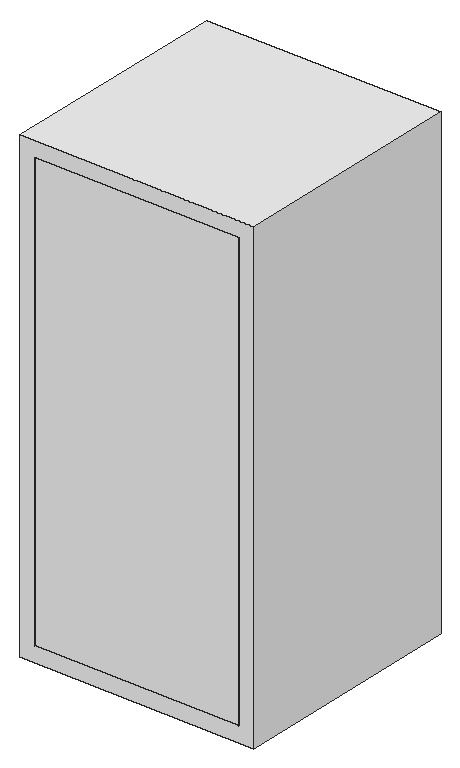
Revit family "Upper Cabinet-Single Door w Glass-Wall (M)", category 케이스워크, Revit 2026
Family settings
  호스트 = 벽
  항상 수직 = 예
  로드될 때 보이드를 사용하여 절단 = 아니오
  공유 = 아니오
  룸 계산 점 = 아니오
Parameters (values of type "300mm")
  기본 높이 = 0 mm
  Cabinet Material = none
  깊이 = 300 mm
  Door/Drawer Material = none
  Handle Material = Cabinets - Handles
  높이 = 600 mm
  Panel Material = none
  Top Of Cabinet = 2000 mm
  Width = 300 mm
Types (3, lengths in mm): name | Width
  (no name) | 300
  300mm | 300
  500mm | 500
Reference planes
  plane 1: y = 0
  plane 2 "Center": x = 29.771
  plane 3 "Right": x = 179.771
  plane 4 "Left": x = -120.229
  plane 5: z = 1400
  plane 6: z = 2000
  plane 7 "Front": y = 376.2
  plane 8: y = 76.2
  plane 9: x = -88.479
  plane 10: z = 1700
Forms (mm)
  Extrusion 1, solid, material <- "Cabinet Material"
    sketch origin (0, 76.2, 0) x (1, 0, 0) y (0, 0, 1)
      loop
        line (179.771, 2000) -> (-120.229, 2000) -> (-120.229, 1400) -> (179.771, 1400) -> (179.771, 2000)
      loop
        line (160.721, 1980.95) -> (-101.179, 1980.95) -> (-101.179, 1419.05) -> (160.721, 1419.05) -> (160.721, 1980.95)
    from 0 to -300
  Extrusion 2, solid, material <- "Cabinet Material"
    sketch origin (0, 76.2, 0) x (1, 0, 0) y (0, 0, 1)
      loop
        line (160.721, 1980.95) -> (-101.179, 1980.95) -> (-101.179, 1419.05) -> (160.721, 1419.05) -> (160.721, 1980.95)
    from 0 to -19.05
  Extrusion 3, solid, material <- "Door/Drawer Material"
    sketch origin (0, 376.2, 0) x (0, 0, 1) y (1, 0, 0)
      loop
        line (1980.95, 160.721) -> (1419.05, 160.721) -> (1419.05, -101.179) -> (1980.95, -101.179) -> (1980.95, 160.721)
      loop
        line (1450.8, 128.971) -> (1450.8, -69.429) -> (1949.2, -69.429) -> (1949.2, 128.971) -> (1450.8, 128.971)
    from 12.7 to -19.05
  Extrusion 4, solid, material <- "Panel Material"
    sketch origin (0, 376.2, 0) x (0, 0, 1) y (1, 0, 0)
      loop
        line (1949.2, 128.971) -> (1450.8, 128.971) -> (1450.8, -69.429) -> (1949.2, -69.429) -> (1949.2, 128.971)
    from -12.7 to -6.35
  Sweep 5, solid, material "Cabinets - Handles" <- "Handle Material"
    path origin (-88.479, 0, 0) x (0, 1, 0) y (0, 0, 1)
      loop
        line (388.9, 1552.4) -> (401.6, 1552.4)
        arc (401.6, 1552.4) -> (410.58, 1548.68) -> (414.3, 1539.7) r 12.7
        line (414.3, 1539.7) -> (414.3, 1463.5)
        arc (414.3, 1463.5) -> (410.58, 1454.52) -> (401.6, 1450.8) r 12.7
        line (401.6, 1450.8) -> (388.9, 1450.8)
    profile origin (-88.479, 395.25, 0) x (0, 0, 1) y (1, 0, 0)
      loop
        circle (1552.4, 0) r 6.35
Lines and regions (mm)
  symbolic lines, style "Plan Rep - Above"
    curve 1: line (-120.229, 76.2, 0) -> (179.771, 76.2, 0)
    curve 2: line (-120.229, 376.2, 0) -> (-120.229, 76.2, 0)
    curve 3: line (179.771, 376.2, 0) -> (-120.229, 376.2, 0)
    curve 4: line (179.771, 76.2, 0) -> (179.771, 376.2, 0)
  symbolic lines, style "Elevation Swing"
    curve 5: line (179.771, 0, 1700) -> (-101.179, 0, 1419.05)
    curve 6: line (179.771, 0, 1700) -> (-101.179, 0, 1980.95)
Text (mm)
  text "Placement Side" at (0, 1019.848, 3124.603), in view "Right"
  text "Placement Side" at (-1564.893, 1075.18, 0), in view "Floor Line"
  text "Placement Side" at (0, 1206.291, 866.261), in view "Left"
Dimensions and locks
  equal spacing: plane 4 "Left", plane 2 "Center", plane 3 "Right"
  "Width": plane 4 "Left" to plane 3 "Right"
  "높이": plane 5 to plane 6
  "깊이": plane 8 to plane 7 "Front"
  locked: plane 4 "Left" to plane 9 at 31.75
  equal spacing: plane 5, plane 10, plane 6
  "Top Of Cabinet": level to plane 6
  aligned and locked: plane 8 to host wall
  aligned and locked: plane 7 "Front" to Extrusion 1
  aligned and locked: Extrusion 2 sketch curve to Extrusion 1  (x4)
  aligned and locked: Extrusion 3 to Extrusion 4 sketch curve  (x3)
  aligned and locked: Extrusion 4 sketch curve to Extrusion 3
Automatic sketch dimensions
  Extrusion 1 sketch curve to plane 4 "Left" = 0 mm
  Extrusion 1 sketch curve to plane 3 "Right" = 0 mm
  Extrusion 1 sketch curve to plane 5 = 0 mm
  Extrusion 1 sketch curve to plane 6 = 0 mm
  plane 4 "Left" to Extrusion 1 sketch curve = 19.05 mm
  Extrusion 1 sketch curve to plane 3 "Right" = 19.05 mm
  Extrusion 1 sketch curve to plane 5 = 19.05 mm
  plane 6 to Extrusion 1 sketch curve = 19.05 mm
  plane 4 "Left" to Extrusion 3 sketch curve = 19.05 mm
  Extrusion 3 sketch curve to plane 5 = 19.05 mm
  Extrusion 3 sketch curve to Extrusion 3 sketch curve = 31.75 mm  (x2)
  plane 6 to Extrusion 3 sketch curve = 50.8 mm
  plane 6 to Extrusion 3 sketch curve = 19.05 mm
  Extrusion 3 sketch curve to plane 3 "Right" = 50.8 mm
  Extrusion 3 sketch curve to plane 3 "Right" = 19.05 mm
  Sweep 5 sketch curve to plane 9 = 0 mm
  Sweep 5 sketch curve to profile plane = 0 mm
  profile plane to Sweep 5 sketch curve = 6.35 mm
  curve 3 to plane 4 "Left" = 0 mm
  curve 3 to plane 3 "Right" = 0 mm
  curve 1 to host wall = 0 mm
  curve 3 to plane 7 "Front" = 0 mm
  plane 7 "Front" to Sweep 5 sketch curve = 12.7 mm  (x2)
  Sweep 5 sketch curve to Sweep 5 sketch curve = 12.7 mm  (x3)
  Sweep 5 sketch curve to plane 5 = 50.8 mm
  Sweep 5 sketch curve to Sweep 5 sketch curve = 76.2 mm
  curve 5 to plane 3 "Right" = 0 mm
  curve 5 to plane 10 = 0 mm
  plane 6 to curve 6 = 19.05 mm
  curve 5 to plane 5 = 19.05 mm
  curve 6 to plane 9 = 12.7 mm
  curve 5 to plane 9 = 12.7 mm
